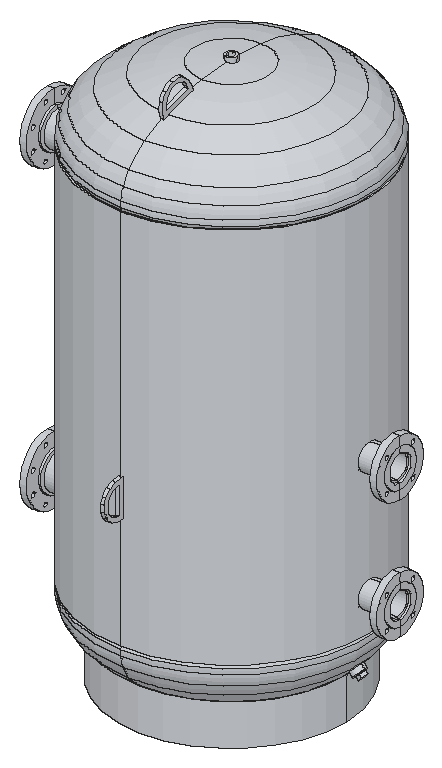
Revit family "HBT-300-34", category Generic Models, Revit 2014
Parameters (values of type "HBT-300-34")
  URL = "http://westank.com/"
  Tank Volume = 300.00 gal
  Part Number = 55643034
  Model = "HBT-300-34"
  Maximum Shipping Weight = 788 lbf
  G = 16"
  B = 4"
  A = 3"
  F = 32"
  E = 56"
  Description = "Wessels ASME 4-port primary-secondary Hot Water Buffer Tanks (HBT) are designed for use with today’s high efficiency systems that incorporate small modular low-mass boilers."
  D = 72"
  C = 36"
Reference planes (in)
  plane 1 "Center (Front/Back)": y = 0
  plane 2: z = 0
  plane 3 "Center (Left/Right)": x = 0
  plane 4: z = 0
  plane 5: x = -18
  plane 6: x = 18
  plane 7: z = 72
  plane 8: z = 56
  plane 9: z = 32
  plane 10: z = 16
Forms (in)
  Revolve 1, solid
    sketch origin (0, -0.02461, 0) x (0, 1, 0) y (0, 0, 1)
      loop
        line (-17.97559, 11.40987) -> (-17.77585, 11.40987)
        arc (-17.77585, 11.40987) -> (-17.77901, 11.38745) -> (-17.78675, 11.36617) r 0.10832
        line (-17.78675, 11.36617) -> (-17.97559, 10.97899)
        arc (-17.97559, 10.97899) -> (-17.97692, 10.6034) -> (-17.93634, 10.23002) r 3.36112
        arc (-17.93634, 10.23002) -> (-17.83534, 9.45516) -> (-17.56075, 8.72359) r 3.4127
        arc (-17.56075, 8.72359) -> (-17.14884, 7.91952) -> (-16.63227, 7.17835) r 6.68364
        arc (-16.63227, 7.17835) -> (-15.41449, 5.9118) -> (-13.99078, 4.88214) r 9.83519
        arc (-13.99078, 4.88214) -> (-12.33964, 3.99029) -> (-10.62031, 3.23825) r 22.63963
        arc (-10.62031, 3.23825) -> (-7.74153, 2.33452) -> (-4.76815, 1.82164) r 22.63963
        arc (-4.76815, 1.82164) -> (-2.37465, 1.61295) -> (0.02461, 1.4865) r 70.02787
        line (0.02461, 1.4865) -> (0.02461, 1.65848)
        arc (0.02461, 1.65848) -> (-2.3657, 1.78462) -> (-4.75028, 1.99258) r 69.85599
        arc (-4.75028, 1.99258) -> (-7.70109, 2.50157) -> (-10.55801, 3.39844) r 22.46775
        arc (-10.55801, 3.39844) -> (-12.26429, 4.14477) -> (-13.9029, 5.02985) r 22.46775
        arc (-13.9029, 5.02985) -> (-15.30173, 6.04151) -> (-16.49823, 7.28593) r 9.66331
        arc (-16.49823, 7.28593) -> (-17.00303, 8.01057) -> (-17.40515, 8.79685) r 6.51177
        arc (-17.40515, 8.79685) -> (-17.66943, 9.50016) -> (-17.76465, 10.24543) r 3.24083
        arc (-17.76465, 10.24543) -> (-17.80397, 10.58906) -> (-17.80585, 10.93493) r 3.18924
        line (-17.80585, 10.93493) -> (-17.63227, 11.29083)
        arc (-17.63227, 11.29083) -> (-17.60804, 11.35818) -> (-17.59889, 11.42917) r 0.33041
        line (-17.59889, 11.42917) -> (-17.80365, 11.42917) -> (-17.80365, 62.07314) -> (-17.59889, 62.07314)
        arc (-17.59889, 62.07314) -> (-17.60804, 62.14413) -> (-17.63227, 62.21149) r 0.33041
        line (-17.63227, 62.21149) -> (-17.80585, 62.56739)
        arc (-17.80585, 62.56739) -> (-17.80397, 62.91325) -> (-17.76465, 63.25688) r 3.18924
        arc (-17.76465, 63.25688) -> (-17.66943, 64.00215) -> (-17.40515, 64.70547) r 3.24083
        arc (-17.40515, 64.70547) -> (-17.00303, 65.49175) -> (-16.49823, 66.21639) r 6.51177
        arc (-16.49823, 66.21639) -> (-15.30173, 67.4608) -> (-13.9029, 68.47247) r 9.66331
        arc (-13.9029, 68.47247) -> (-12.26429, 69.35755) -> (-10.55801, 70.10388) r 22.46775
        arc (-10.55801, 70.10388) -> (-7.70109, 71.00074) -> (-4.75028, 71.50973) r 22.46775
        arc (-4.75028, 71.50973) -> (-2.3657, 71.71769) -> (0.02461, 71.84383) r 69.85599
        line (0.02461, 71.84383) -> (0.02461, 72.01582)
        arc (0.02461, 72.01582) -> (-2.37465, 71.88936) -> (-4.76815, 71.68068) r 70.02787
        arc (-4.76815, 71.68068) -> (-7.74153, 71.16779) -> (-10.62031, 70.26407) r 22.63963
        arc (-10.62031, 70.26407) -> (-12.33964, 69.51203) -> (-13.99078, 68.62018) r 22.63963
        arc (-13.99078, 68.62018) -> (-15.41449, 67.59052) -> (-16.63227, 66.32397) r 9.83519
        arc (-16.63227, 66.32397) -> (-17.14884, 65.58279) -> (-17.56075, 64.77872) r 6.68364
        arc (-17.56075, 64.77872) -> (-17.83534, 64.04715) -> (-17.93634, 63.2723) r 3.4127
        arc (-17.93634, 63.2723) -> (-17.97692, 62.89891) -> (-17.97559, 62.52332) r 3.36112
        line (-17.97559, 62.52332) -> (-17.78675, 62.13614)
        arc (-17.78675, 62.13614) -> (-17.77901, 62.11486) -> (-17.77585, 62.09244) r 0.10832
        line (-17.77585, 62.09244) -> (-17.97559, 62.09244) -> (-17.97559, 11.40987)
      axis (0.02461, 1.4865) -> (0.02461, 72.01582)
    angle from 0 to 360
  Revolve 2, solid
    sketch origin (-2.98639, 0, 41.50063) x (-1, 0, 0) y (0, 0, 1)
      loop
        line (19.69342, 12.25162) -> (19.69342, 11.84312) -> (20.06842, 11.84312) -> (20.06842, 9.99939) -> (20.94342, 9.99939) -> (20.94342, 11.40562) -> (21.00592, 11.40562) -> (21.00592, 12.25162) -> (19.69342, 12.25162)
      axis (21.00592, 14.49937) -> (19.69342, 14.49937)
    angle from 0 to 360
  Revolve 3, solid
    sketch origin (1.3301, 0, 3.24654) x (0.990017, 0, -0.140951) y (0.140951, 0, 0.990017)
      loop
        line (14.71753, 6.11956) -> (14.66586, 6.1556) -> (14.25436, 5.56561) -> (14.86992, 5.13627) -> (15.24588, 5.6753) -> (15.19462, 5.71106) -> (15.31904, 5.88945) -> (14.80641, 6.24699) -> (14.71753, 6.11956)
      axis (14.25436, 5.56561) -> (14.86992, 5.13627)
    angle from 0 to 360
  Extrusion 4, solid
    sketch origin (16.3437, -180, 7.27869) x (0.681658, 0, 0.731671) y (0, -1, 0)
      loop
        line (-0.16036, -179.52645) -> (-0.95521, -179.68698) -> (-0.79485, -180.48095) -> (0, -180.32042) -> (-0.16036, -179.52645)
    from 1.02698 to 1.52678
  Extrusion 5, solid
    sketch origin (0, -6.04905, 4.9833) x (0, 1, 0) y (0, 0, 1)
      loop
        line (-11.93439, 21.33067) -> (-11.93439, 26.202)
        arc (-11.93439, 26.202) -> (-12.47846, 26.15164) -> (-13.01533, 26.05008) r 5.77422
        arc (-13.01533, 26.05008) -> (-13.49297, 25.89754) -> (-13.94252, 25.67548) r 3.35288
        arc (-13.94252, 25.67548) -> (-14.34081, 25.36666) -> (-14.64962, 24.96837) r 2.0073
        arc (-14.64962, 24.96837) -> (-14.80343, 24.58932) -> (-14.88788, 24.18906) r 2.30742
        arc (-14.88788, 24.18906) -> (-14.91277, 23.77188) -> (-14.88788, 23.3547) r 3.50846
        arc (-14.88788, 23.3547) -> (-14.79412, 22.92876) -> (-14.61961, 22.52904) r 2.24053
        arc (-14.61961, 22.52904) -> (-14.27401, 22.08806) -> (-13.80999, 21.77406) r 1.8078
        arc (-13.80999, 21.77406) -> (-13.34321, 21.55591) -> (-12.84107, 21.44044) r 2.44481
        arc (-12.84107, 21.44044) -> (-12.39043, 21.36326) -> (-11.93439, 21.33067) r 4.65484
      loop
        arc (-12.44611, 25.63929) -> (-12.67227, 25.60073) -> (-12.89654, 25.55235) r 5.2625
        arc (-12.89654, 25.55235) -> (-13.30128, 25.42308) -> (-13.68221, 25.23491) r 2.84116
        arc (-13.68221, 25.23491) -> (-13.97364, 25.01013) -> (-14.20134, 24.72098) r 1.49558
        arc (-14.20134, 24.72098) -> (-14.3163, 24.43235) -> (-14.37979, 24.12821) r 1.7957
        arc (-14.37979, 24.12821) -> (-14.40106, 23.77188) -> (-14.37979, 23.41555) r 2.99674
        arc (-14.37979, 23.41555) -> (-14.30745, 23.08689) -> (-14.17279, 22.77846) r 1.72881
        arc (-14.17279, 22.77846) -> (-13.91552, 22.45353) -> (-13.56884, 22.22643) r 1.29608
        arc (-13.56884, 22.22643) -> (-13.1779, 22.0402) -> (-12.75531, 21.94566) r 1.9331
        arc (-12.75531, 21.94566) -> (-12.60126, 21.91347) -> (-12.44611, 21.88716) r 4.14312
        line (-12.44611, 21.88716) -> (-12.44611, 25.63929)
    from -0.24366 to 0.25634
  Extrusion 6, solid
    sketch origin (0, -28.53332, 53.09576) x (0, 0.284015, -0.95882) y (0, 0.95882, 0.284015)
      loop
        arc (-11.9298, 25.67102) -> (-12.15596, 25.63246) -> (-12.38023, 25.58408) r 5.2625
        arc (-12.38023, 25.58408) -> (-12.78497, 25.45482) -> (-13.16591, 25.26664) r 2.84116
        arc (-13.16591, 25.26664) -> (-13.45733, 25.04186) -> (-13.68503, 24.75271) r 1.49558
        arc (-13.68503, 24.75271) -> (-13.8, 24.46408) -> (-13.86349, 24.15994) r 1.7957
        arc (-13.86349, 24.15994) -> (-13.88475, 23.80361) -> (-13.86349, 23.44728) r 2.99674
        arc (-13.86349, 23.44728) -> (-13.79114, 23.11862) -> (-13.65649, 22.81019) r 1.72881
        arc (-13.65649, 22.81019) -> (-13.39922, 22.48527) -> (-13.05253, 22.25816) r 1.29608
        arc (-13.05253, 22.25816) -> (-12.66159, 22.07193) -> (-12.239, 21.97739) r 1.9331
        arc (-12.239, 21.97739) -> (-12.08496, 21.94521) -> (-11.9298, 21.91889) r 4.14312
        line (-11.9298, 21.91889) -> (-11.9298, 25.67102)
      loop
        line (-11.1798, 21.34267) -> (-11.1798, 26.18132)
        arc (-11.1798, 26.18132) -> (-12.12256, 26.16802) -> (-13.02719, 25.90227) r 3.48194
        arc (-13.02719, 25.90227) -> (-13.54727, 25.6041) -> (-13.99851, 25.20943) r 3.03185
        arc (-13.99851, 25.20943) -> (-14.28248, 24.55653) -> (-14.39992, 23.8543) r 2.91879
        arc (-14.39992, 23.8543) -> (-14.3348, 23.1787) -> (-14.08611, 22.54717) r 2.44012
        arc (-14.08611, 22.54717) -> (-13.716, 22.08641) -> (-13.21844, 21.76749) r 1.83162
        arc (-13.21844, 21.76749) -> (-12.2207, 21.45151) -> (-11.1798, 21.34267) r 5.1769
    from -0.24366 to 0.25634
  Extrusion 7, solid
    sketch origin (0, 0, 0) x (1, 0, 0) y (0, 1, 0)
      loop
        circle (0, 0) r 0.75
      loop
        circle (0, 0) r 0.5
    from 71.36613 to 72.49354
  Extrusion 8, void
    sketch origin (-3.60333, 0.13917, 42.92009) x (0, 1, 0) y (0, 0, -1)
      loop
        circle (1.30132, -16.54217) r 0.39709
      loop
        circle (-1.56705, -16.54739) r 0.36639
      loop
        circle (-3.60255, -14.51771) r 0.39644
      loop
        circle (-3.60937, -11.65864) r 0.39509
      loop
        circle (-1.59929, -9.62587) r 0.36154
      loop
        circle (1.29595, -9.61541) r 0.37125
      loop
        circle (3.31863, -14.53108) r 0.38234
      loop
        circle (3.32718, -11.64927) r 0.36602
    from 15.80097 to 22.64667
  Extrusion 9, void
    sketch origin (0, 0, 0) x (1, 0, 0) y (0, 1, 0)
      loop
        circle (0, 0) r 0.5
    from 70.90268 to 73.75579
  Revolve 10, solid
    sketch origin (0, 0, 0) x (1, 0, 0) y (0, 0, 1)
      loop
        line (14.82824, 5.43485) -> (14.82824, 0) -> (15, 0) -> (15, 5.43485) -> (14.82824, 5.43485)
      axis (0, 5.43485) -> (0, 0)
    angle from 0 to 360
  Revolve 11, solid
    sketch origin (-3.58795, 0, 41.50258) x (1, 0, 0) y (0, 0, 1)
      loop
        line (-13.77936, 12.48441) -> (-20.02936, 12.48441) -> (-20.02936, 12.24742) -> (-13.77936, 12.24742) -> (-13.77936, 12.48441)
      axis (-20.02936, 14.49742) -> (-13.77936, 14.49742)
    angle from 0 to 360
  Extrusion 12, void
    sketch origin (0, 0, 0.25) x (0, 1, 0) y (0, 0, 1)
      loop
        circle (0, 55.75) r 2.013
    from -21.98599 to -16.85333
  Revolve 13, solid
    sketch origin (3.00177, 0, 1.50063) x (1, 0, 0) y (0, 0, 1)
      loop
        line (17.78273, 12.74937) -> (17.78273, 12.3742) -> (18.03273, 12.3742) -> (18.03273, 10.74942) -> (18.90773, 10.74942) -> (18.90773, 11.99942) -> (18.97023, 11.99942) -> (18.97023, 12.74937) -> (17.78273, 12.74937)
      axis (18.97023, 14.49937) -> (17.78273, 14.49937)
    angle from 0 to 360
  Revolve 14, solid
    sketch origin (3.60333, 0, 1.50258) x (-1, 0, 0) y (0, 0, 1)
      loop
        line (-13.86867, 12.96342) -> (-17.99367, 12.96342) -> (-17.99367, 12.74742) -> (-13.86867, 12.74742) -> (-13.86867, 12.96342)
      axis (-17.99367, 14.49742) -> (-13.86867, 14.49742)
    angle from 0 to 360
  Extrusion 15, void
    sketch origin (-3.60333, 0.13917, 2.92009) x (0, 1, 0) y (0, 0, -1)
      loop
        circle (1.30132, -16.54217) r 0.39709
      loop
        circle (-1.56705, -16.54739) r 0.36639
      loop
        circle (-3.60255, -14.51771) r 0.39644
      loop
        circle (-3.60937, -11.65864) r 0.39509
      loop
        circle (-1.59929, -9.62587) r 0.36154
      loop
        circle (1.29595, -9.61541) r 0.37125
      loop
        circle (3.31863, -14.53108) r 0.38234
      loop
        circle (3.32718, -11.64927) r 0.36602
    from 22.86736 to 18.16765
  Extrusion 16, void
    sketch origin (3.60333, 0.13917, 2.92009) x (0, 1, 0) y (0, 0, 1)
      loop
        circle (1.98882, 15.19842) r 0.39709
      loop
        circle (-2.27017, 15.18802) r 0.36639
      loop
        circle (-2.25554, 10.96962) r 0.36154
      loop
        circle (1.98345, 10.95916) r 0.37125
    from 22.86736 to 16.64667
  Revolve 17, solid
    sketch origin (-2.98639, 0, 1.50063) x (-1, 0, 0) y (0, 0, 1)
      loop
        line (19.69342, 12.25162) -> (19.69342, 11.84312) -> (20.06842, 11.84312) -> (20.06842, 9.99939) -> (20.94342, 9.99939) -> (20.94342, 11.40562) -> (21.00592, 11.40562) -> (21.00592, 12.25162) -> (19.69342, 12.25162)
      axis (21.00592, 14.49937) -> (19.69342, 14.49937)
    angle from 0 to 360
  Revolve 18, solid
    sketch origin (-3.58795, 0, 1.50258) x (1, 0, 0) y (0, 0, 1)
      loop
        line (-13.77936, 12.48441) -> (-20.02936, 12.48441) -> (-20.02936, 12.24742) -> (-13.77936, 12.24742) -> (-13.77936, 12.48441)
      axis (-20.02936, 14.49742) -> (-13.77936, 14.49742)
    angle from 0 to 360
  Extrusion 19, void
    sketch origin (0, 0, 0) x (0, 1, 0) y (0, 0, 1)
      loop
        circle (0, 32) r 1.534
      loop
        circle (0, 16) r 1.534
    from 10.01969 to 28.21152
  Extrusion 20, void
    sketch origin (0, 0, 0) x (0, 1, 0) y (0, 0, 1)
      loop
        circle (0, 16) r 2.013
    from -25.80262 to -14.49862
  Revolve 21, solid
    sketch origin (3.00177, 0, 17.50063) x (1, 0, 0) y (0, 0, 1)
      loop
        line (17.78273, 12.74937) -> (17.78273, 12.3742) -> (18.03273, 12.3742) -> (18.03273, 10.74942) -> (18.90773, 10.74942) -> (18.90773, 11.99942) -> (18.97023, 11.99942) -> (18.97023, 12.74937) -> (17.78273, 12.74937)
      axis (18.97023, 14.49937) -> (17.78273, 14.49937)
    angle from 0 to 360
  Revolve 22, solid
    sketch origin (3.60333, 0, 17.50258) x (-1, 0, 0) y (0, 0, 1)
      loop
        line (-13.86867, 12.96342) -> (-17.99367, 12.96342) -> (-17.99367, 12.74742) -> (-13.86867, 12.74742) -> (-13.86867, 12.96342)
      axis (-17.99367, 14.49742) -> (-13.86867, 14.49742)
    angle from 0 to 360
  Extrusion 23, void
    sketch origin (3.60333, 0.13917, 18.92009) x (0, 1, 0) y (0, 0, 1)
      loop
        circle (1.98882, 15.19842) r 0.39709
      loop
        circle (-2.27017, 15.18802) r 0.36639
      loop
        circle (-2.25554, 10.96962) r 0.36154
      loop
        circle (1.98345, 10.95916) r 0.37125
    from 22.86736 to 16.64667
Cuts and joins
  joined: Extrusion 4, Extrusion 5, Extrusion 6, Extrusion 7, Revolve 10
  Extrusion 9, Extrusion 12, Extrusion 15, Extrusion 19, Extrusion 20 cuts Revolve 1
  Extrusion 8, Extrusion 15 cuts Revolve 2
  joined: Revolve 1, Revolve 2
  Extrusion 16, Extrusion 23 cuts Revolve 13
  Extrusion 15 cuts Revolve 17
  Extrusion 23 cuts Revolve 21
Dimensions and locks (in)
  "D": plane 7 to plane 4
  "G": plane 10 to plane 4
  "F": plane 9 to plane 4
  "E": plane 8 to plane 4
  "C": plane 6 to plane 5
  aligned and locked: plane 2 to level
Automatic sketch dimensions
  Revolve 1 sketch curve to Revolve 1 sketch curve = 0"  (x56)
  Revolve 1 sketch curve to plane 1 "Center (Front/Back)" = 0"  (x3)
  plane 1 "Center (Front/Back)" to Revolve 1 sketch curve = 2.43969"  (x2)
  Revolve 1 sketch curve to plane 10 = 2.66549"
  plane 1 "Center (Front/Back)" to Revolve 1 sketch curve = 8.98663"  (x2)
  plane 8 to Revolve 1 sketch curve = 4.16781"
  Revolve 1 sketch curve to Revolve 1 sketch curve = 2.45782"  (x2)
  Revolve 1 sketch curve to Revolve 1 sketch curve = 3.10417"  (x2)
  Revolve 1 sketch curve to Revolve 1 sketch curve = 0.0964"  (x2)
  Revolve 1 sketch curve to Revolve 1 sketch curve = 2.97849"  (x2)
  plane 8 to Revolve 1 sketch curve = 6.21149"
  Revolve 1 sketch curve to Revolve 1 sketch curve = 0.03338"  (x2)
  Revolve 1 sketch curve to plane 10 = 4.70917"
  Revolve 1 sketch curve to Revolve 1 sketch curve = 0.17696"  (x2)
  Revolve 1 sketch curve to plane 10 = 4.63383"
  Revolve 1 sketch curve to Revolve 1 sketch curve = 0.0109"  (x2)
  plane 8 to Revolve 1 sketch curve = 6.13614"
  Revolve 1 sketch curve to Revolve 1 sketch curve = 0.0278"
  plane 8 to Revolve 1 sketch curve = 6.56739"
  Revolve 1 sketch curve to Revolve 1 sketch curve = 0.17358"  (x2)
  Revolve 1 sketch curve to plane 10 = 5.06507"
  Revolve 1 sketch curve to Revolve 1 sketch curve = 0.08045"  (x2)
  Revolve 1 sketch curve to Revolve 1 sketch curve = 0.04514"  (x2)
  Revolve 1 sketch curve to Revolve 1 sketch curve = 0.04635"
  Revolve 1 sketch curve to plane 10 = 5.02101"
  Revolve 1 sketch curve to Revolve 1 sketch curve = 0.16974"  (x2)
  plane 8 to Revolve 1 sketch curve = 6.52332"
  Revolve 1 sketch curve to plane 7 = 0.52976"
  Revolve 1 sketch curve to plane 1 "Center (Front/Back)" = 2.48565"  (x2)
  Revolve 1 sketch curve to Revolve 1 sketch curve = 0.51151"
  Revolve 1 sketch curve to Revolve 1 sketch curve = 0.49854"  (x2)
  level to Revolve 1 sketch curve = 2.03208"
  level to Revolve 1 sketch curve = 1.65848"
  Revolve 1 sketch curve to Revolve 1 sketch curve = 0.17198"
  Revolve 1 sketch curve to Revolve 1 sketch curve = 1 249/256"  (x2)
  Revolve 1 sketch curve to Revolve 1 sketch curve = 0.0437"
  Revolve 1 sketch curve to Revolve 1 sketch curve = 0.0193"
  Revolve 1 sketch curve to plane 9 = 7.66135"
  Revolve 1 sketch curve to plane 8 = 6.83634"
  Revolve 1 sketch curve to Revolve 1 sketch curve = 0.0695"
  Revolve 1 sketch curve to Revolve 1 sketch curve = 0.02202"
  Revolve 1 sketch curve to Revolve 1 sketch curve = 0.64986"
  Revolve 1 sketch curve to plane 7 = 0.15617"
  plane 7 to Revolve 1 sketch curve = 0.01582"
  Revolve 1 sketch curve to plane 7 = 1.89612"
  level to Revolve 1 sketch curve = 3 51/128"
  Revolve 1 sketch curve to Revolve 1 sketch curve = 0.06229"  (x2)
  Revolve 1 sketch curve to Revolve 1 sketch curve = 0.90692"  (x2)
  Revolve 1 sketch curve to Revolve 1 sketch curve = 0.1556"  (x2)
  Revolve 1 sketch curve to plane 9 = 3.10692"
  plane 9 to Revolve 1 sketch curve = 0.64308"
  Revolve 2 sketch curve to plane 8 = 0"
  plane 5 to Revolve 2 sketch curve = 4.67981"
  Revolve 2 sketch curve to Revolve 2 sketch curve = 3/8"
  Revolve 2 sketch curve to Revolve 2 sketch curve = 7/8"
  Revolve 2 sketch curve to Revolve 2 sketch curve = 1/16"
  plane 8 to Revolve 2 sketch curve = 2.24774"
  Revolve 2 sketch curve to Revolve 2 sketch curve = 0.40851"
  Revolve 2 sketch curve to Revolve 2 sketch curve = 0.84601"
  Revolve 2 sketch curve to Revolve 2 sketch curve = 1.40622"
  Revolve 2 sketch curve to plane 5 = 0.59331"
  Revolve 2 sketch curve to Revolve 2 sketch curve = 0.68278"
  Revolve 3 sketch curve to plane 6 = 1.77337"
  level to Revolve 3 sketch curve = 6.74742"
  Revolve 3 sketch curve to Revolve 3 sketch curve = 0.4115"
  Revolve 3 sketch curve to Revolve 3 sketch curve = 0.05167"
  Revolve 3 sketch curve to Revolve 3 sketch curve = 0.08888"
  Revolve 3 sketch curve to Revolve 3 sketch curve = 0.61556"
  Revolve 3 sketch curve to Revolve 3 sketch curve = 0.47709"
  Revolve 3 sketch curve to Revolve 3 sketch curve = 0.05126"
  Revolve 3 sketch curve to Revolve 3 sketch curve = 0.42934"
  Revolve 3 sketch curve to Revolve 3 sketch curve = 0.12768"
  Revolve 3 sketch curve to Revolve 3 sketch curve = 0"  (x2)
  Revolve 3 sketch curve to Revolve 3 sketch curve = 0.08905"
  plane 1 "Center (Front/Back)" to Extrusion 4 sketch curve = 0.31302"
  Extrusion 4 sketch curve to plane 1 "Center (Front/Back)" = 0.48095"
  Extrusion 4 sketch curve to Extrusion 4 sketch curve = 0.16036"  (x2)
  plane 1 "Center (Front/Back)" to Extrusion 4 sketch curve = 0.47355"
  Extrusion 4 sketch curve to Extrusion 4 sketch curve = 0.79485"
  Extrusion 4 sketch curve to plane 1 "Center (Front/Back)" = 0.32042"
  Extrusion 5 sketch curve to Extrusion 5 sketch curve = 0"  (x24)
  Extrusion 5 sketch curve to plane 9 = 3.6065"
  plane 1 "Center (Front/Back)" to Extrusion 5 sketch curve = 19.09014"
  Extrusion 5 sketch curve to Extrusion 5 sketch curve = 0.11966"
  Extrusion 5 sketch curve to Extrusion 5 sketch curve = 0.25819"
  Extrusion 5 sketch curve to Extrusion 5 sketch curve = 17/256"
  Extrusion 5 sketch curve to Extrusion 5 sketch curve = 0.04958"
  Extrusion 5 sketch curve to Extrusion 5 sketch curve = 0.15073"
  Extrusion 5 sketch curve to Extrusion 5 sketch curve = 0.20915"
  Extrusion 5 sketch curve to Extrusion 5 sketch curve = 131/256"
  Extrusion 5 sketch curve to Extrusion 5 sketch curve = 0.10338"
  Extrusion 5 sketch curve to Extrusion 5 sketch curve = 0.25955"
  Extrusion 5 sketch curve to Extrusion 5 sketch curve = 1.14294"
  Extrusion 5 sketch curve to Extrusion 5 sketch curve = 0.62139"
  Extrusion 5 sketch curve to Extrusion 5 sketch curve = 0.90165"
  Extrusion 5 sketch curve to Extrusion 5 sketch curve = 0.55648"
  Extrusion 5 sketch curve to Extrusion 5 sketch curve = 0.89706"
  Extrusion 5 sketch curve to Extrusion 5 sketch curve = 27/128"
  Extrusion 5 sketch curve to Extrusion 5 sketch curve = 0.15076"
  Extrusion 5 sketch curve to Extrusion 5 sketch curve = 0.24641"
  Extrusion 5 sketch curve to Extrusion 5 sketch curve = 0.04716"
  Extrusion 5 sketch curve to Extrusion 5 sketch curve = 0.0326"
  Extrusion 5 sketch curve to plane 9 = 1.37741"
  Extrusion 5 sketch curve to Extrusion 5 sketch curve = 0.34507"
  Extrusion 5 sketch curve to Extrusion 5 sketch curve = 0.21764"
  Extrusion 5 sketch curve to Extrusion 5 sketch curve = 1.12273"
  Extrusion 5 sketch curve to Extrusion 5 sketch curve = 0.78568"
  Extrusion 5 sketch curve to Extrusion 5 sketch curve = 0.24115"
  Extrusion 5 sketch curve to Extrusion 5 sketch curve = 0.2603"
  Extrusion 5 sketch curve to Extrusion 5 sketch curve = 0.60395"
  Extrusion 5 sketch curve to Extrusion 5 sketch curve = 0.51913"
  Extrusion 5 sketch curve to Extrusion 5 sketch curve = 0.44682"
  Extrusion 5 sketch curve to Extrusion 5 sketch curve = 0.44829"
  Extrusion 7 sketch curve to Extrusion 7 sketch curve = 0"  (x2)
  plane 1 "Center (Front/Back)" to Extrusion 7 sketch curve = 0"
  Extrusion 7 sketch curve to plane 3 "Center (Left/Right)" = 0"
  Extrusion 8 sketch curve to plane 8 = 1.42127"
  plane 1 "Center (Front/Back)" to Extrusion 8 sketch curve = 3.4702"
  Extrusion 8 sketch curve to Extrusion 8 sketch curve = 0.00682"
  plane 1 "Center (Front/Back)" to Extrusion 8 sketch curve = 1.46012"
  plane 1 "Center (Front/Back)" to Extrusion 8 sketch curve = 1.42788"
  Extrusion 8 sketch curve to plane 1 "Center (Front/Back)" = 1.43512"
  Extrusion 8 sketch curve to plane 1 "Center (Front/Back)" = 1.44049"
  Extrusion 8 sketch curve to Extrusion 8 sketch curve = 2.01731"
  Extrusion 8 sketch curve to plane 8 = 1.43064"
  Extrusion 8 sketch curve to Extrusion 8 sketch curve = 2 1/32"
  plane 8 to Extrusion 8 sketch curve = 1.4378"
  plane 8 to Extrusion 8 sketch curve = 1.45117"
  Extrusion 8 sketch curve to Extrusion 8 sketch curve = 2.01109"
  Extrusion 8 sketch curve to Extrusion 8 sketch curve = 0.00522"
  Extrusion 8 sketch curve to Extrusion 8 sketch curve = 2.03277"
  Extrusion 8 sketch curve to Extrusion 8 sketch curve = 2.03386"
  Extrusion 9 sketch curve to Extrusion 9 sketch curve = 0"  (x2)
  plane 1 "Center (Front/Back)" to Extrusion 9 sketch curve = 0"
  Extrusion 9 sketch curve to plane 3 "Center (Left/Right)" = 0"
  Extrusion 9 sketch curve to plane 3 "Center (Left/Right)" = 1/2"
  Revolve 10 sketch curve to plane 3 "Center (Left/Right)" = 0"
  Revolve 10 sketch curve to level = 0"
  Revolve 10 sketch curve to plane 6 = 3.17176"
  Revolve 10 sketch curve to Revolve 10 sketch curve = 0.17176"
  level to Revolve 10 sketch curve = 5.43485"
  level to Revolve 10 sketch curve = 4.69941"
  Revolve 10 sketch curve to Revolve 10 sketch curve = 1"
  Revolve 11 sketch curve to plane 8 = 0"
  Revolve 11 sketch curve to plane 8 = 2 1/4"
  Revolve 11 sketch curve to plane 5 = 5.61731"
  plane 5 to Revolve 11 sketch curve = 0.63269"
  Revolve 11 sketch curve to Revolve 11 sketch curve = 0.237"
  Revolve 11 sketch curve to plane 5 = 0.15872"
  plane 5 to Revolve 11 sketch curve = 0.20143"
  Extrusion 12 sketch curve to Extrusion 12 sketch curve = 0"  (x2)
  Extrusion 12 sketch curve to plane 1 "Center (Front/Back)" = 0"
  Extrusion 12 sketch curve to plane 8 = 0"
  Extrusion 12 sketch curve to Extrusion 12 sketch curve = 2.013"
  Revolve 13 sketch curve to plane 10 = 0"
  plane 6 to Revolve 13 sketch curve = 2.7845"
  Revolve 13 sketch curve to Revolve 13 sketch curve = 1/4"
  Revolve 13 sketch curve to Revolve 13 sketch curve = 7/8"
  Revolve 13 sketch curve to Revolve 13 sketch curve = 1/16"
  Revolve 13 sketch curve to plane 10 = 1 3/4"
  Revolve 13 sketch curve to Revolve 13 sketch curve = 0.37517"
  Revolve 13 sketch curve to Revolve 13 sketch curve = 0.74995"
  Revolve 13 sketch curve to Revolve 13 sketch curve = 1 1/4"
  Revolve 13 sketch curve to plane 6 = 0.57793"
  Revolve 13 sketch curve to Revolve 13 sketch curve = 0.68278"
  Revolve 14 sketch curve to plane 10 = 0"
  plane 10 to Revolve 14 sketch curve = 1 3/4"
  Revolve 14 sketch curve to plane 6 = 3.597"
  plane 6 to Revolve 14 sketch curve = 0.528"
  Revolve 14 sketch curve to Revolve 14 sketch curve = 0.216"
  Revolve 14 sketch curve to plane 6 = 0.1741"
  plane 6 to Revolve 14 sketch curve = 0.18605"
  Extrusion 15 sketch curve to plane 10 = 1.42127"
  plane 1 "Center (Front/Back)" to Extrusion 15 sketch curve = 3.4702"
  Extrusion 15 sketch curve to Extrusion 15 sketch curve = 0.00682"
  plane 1 "Center (Front/Back)" to Extrusion 15 sketch curve = 1.46012"
  plane 1 "Center (Front/Back)" to Extrusion 15 sketch curve = 1.42788"
  Extrusion 15 sketch curve to plane 1 "Center (Front/Back)" = 1.43512"
  Extrusion 15 sketch curve to plane 1 "Center (Front/Back)" = 1.44049"
  Extrusion 15 sketch curve to Extrusion 15 sketch curve = 2.01731"
  Extrusion 15 sketch curve to plane 10 = 1.43064"
  Extrusion 15 sketch curve to Extrusion 15 sketch curve = 2 1/32"
  plane 10 to Extrusion 15 sketch curve = 1.4378"
  plane 10 to Extrusion 15 sketch curve = 1.45117"
  Extrusion 15 sketch curve to Extrusion 15 sketch curve = 2.01109"
  Extrusion 15 sketch curve to Extrusion 15 sketch curve = 0.00522"
  Extrusion 15 sketch curve to Extrusion 15 sketch curve = 2.03277"
  Extrusion 15 sketch curve to Extrusion 15 sketch curve = 2.03386"
  plane 1 "Center (Front/Back)" to Extrusion 16 sketch curve = 2.13101"
  plane 1 "Center (Front/Back)" to Extrusion 16 sketch curve = 2.11637"
  Extrusion 16 sketch curve to plane 1 "Center (Front/Back)" = 2.12262"
  Extrusion 16 sketch curve to plane 1 "Center (Front/Back)" = 2.12799"
  Extrusion 16 sketch curve to plane 10 = 2.12075"
  Extrusion 16 sketch curve to plane 10 = 2.11028"
  plane 10 to Extrusion 16 sketch curve = 2.10811"
  plane 10 to Extrusion 16 sketch curve = 2.11852"
  Revolve 17 sketch curve to plane 10 = 0"
  plane 5 to Revolve 17 sketch curve = 4.67981"
  Revolve 17 sketch curve to Revolve 17 sketch curve = 3/8"
  Revolve 17 sketch curve to Revolve 17 sketch curve = 7/8"
  Revolve 17 sketch curve to Revolve 17 sketch curve = 1/16"
  plane 10 to Revolve 17 sketch curve = 2.24774"
  Revolve 17 sketch curve to Revolve 17 sketch curve = 0.40851"
  Revolve 17 sketch curve to Revolve 17 sketch curve = 0.84601"
  Revolve 17 sketch curve to Revolve 17 sketch curve = 1.40622"
  Revolve 17 sketch curve to plane 5 = 0.59331"
  Revolve 17 sketch curve to Revolve 17 sketch curve = 0.68278"
  Revolve 18 sketch curve to plane 10 = 0"
  Revolve 18 sketch curve to plane 10 = 2 1/4"
  Revolve 18 sketch curve to plane 5 = 5.61731"
  plane 5 to Revolve 18 sketch curve = 0.63269"
  Revolve 18 sketch curve to Revolve 18 sketch curve = 0.237"
  Revolve 18 sketch curve to plane 5 = 0.15872"
  plane 5 to Revolve 18 sketch curve = 0.20143"
  Extrusion 19 sketch curve to Extrusion 19 sketch curve = 0"  (x4)
  Extrusion 19 sketch curve to plane 1 "Center (Front/Back)" = 0"  (x2)
  Extrusion 19 sketch curve to plane 10 = 0"
  Extrusion 19 sketch curve to plane 9 = 0"
  Extrusion 19 sketch curve to plane 10 = 1.534"
  Extrusion 19 sketch curve to plane 9 = 1.534"
  Extrusion 20 sketch curve to Extrusion 20 sketch curve = 0"  (x2)
  Extrusion 20 sketch curve to plane 1 "Center (Front/Back)" = 0"
  Extrusion 20 sketch curve to plane 10 = 0"
  Extrusion 20 sketch curve to plane 10 = 2.013"
  Revolve 21 sketch curve to plane 9 = 0"
  plane 6 to Revolve 21 sketch curve = 2.7845"
  Revolve 21 sketch curve to Revolve 21 sketch curve = 1/4"
  Revolve 21 sketch curve to Revolve 21 sketch curve = 7/8"
  Revolve 21 sketch curve to Revolve 21 sketch curve = 1/16"
  Revolve 21 sketch curve to plane 9 = 1 3/4"
  Revolve 21 sketch curve to Revolve 21 sketch curve = 0.37517"
  Revolve 21 sketch curve to Revolve 21 sketch curve = 0.74995"
  Revolve 21 sketch curve to Revolve 21 sketch curve = 1 1/4"
  Revolve 21 sketch curve to plane 6 = 0.57793"
  Revolve 21 sketch curve to Revolve 21 sketch curve = 0.68278"
  Revolve 22 sketch curve to plane 9 = 0"
  plane 9 to Revolve 22 sketch curve = 1 3/4"
  Revolve 22 sketch curve to plane 6 = 3.597"
  plane 6 to Revolve 22 sketch curve = 0.528"
  Revolve 22 sketch curve to Revolve 22 sketch curve = 0.216"
  Revolve 22 sketch curve to plane 6 = 0.1741"
  plane 6 to Revolve 22 sketch curve = 0.18605"
  plane 1 "Center (Front/Back)" to Extrusion 23 sketch curve = 2.13101"
  plane 1 "Center (Front/Back)" to Extrusion 23 sketch curve = 2.11637"
  Extrusion 23 sketch curve to plane 1 "Center (Front/Back)" = 2.12262"
  Extrusion 23 sketch curve to plane 1 "Center (Front/Back)" = 2.12799"
  Extrusion 23 sketch curve to plane 9 = 2.12075"
  Extrusion 23 sketch curve to plane 9 = 2.11028"
  plane 9 to Extrusion 23 sketch curve = 2.10811"
  plane 9 to Extrusion 23 sketch curve = 2.11852"
  Extrusion 6 sketch curve to plane 7 = 0.23736"
  plane 1 "Center (Front/Back)" to Extrusion 6 sketch curve = 9.61397"
  Extrusion 6 sketch curve to Extrusion 6 sketch curve = 0.03301"
  Extrusion 6 sketch curve to Extrusion 6 sketch curve = 0.08665"
  Extrusion 6 sketch curve to Extrusion 6 sketch curve = 0.34483"
  Extrusion 6 sketch curve to Extrusion 6 sketch curve = 17/256"
  Extrusion 6 sketch curve to Extrusion 6 sketch curve = 0.04958"
  Extrusion 6 sketch curve to Extrusion 6 sketch curve = 0.06885"
  Extrusion 6 sketch curve to Extrusion 6 sketch curve = 0.15073"
  Extrusion 6 sketch curve to Extrusion 6 sketch curve = 0.36028"
  Extrusion 6 sketch curve to Extrusion 6 sketch curve = 0.06601"
  Extrusion 6 sketch curve to Extrusion 6 sketch curve = 0.11815"
  Extrusion 6 sketch curve to Extrusion 6 sketch curve = 0.47821"
  Extrusion 6 sketch curve to Extrusion 6 sketch curve = 0.6151"
  Extrusion 6 sketch curve to Extrusion 6 sketch curve = 0.1349"
  Extrusion 6 sketch curve to Extrusion 6 sketch curve = 0.01521"
  Extrusion 6 sketch curve to Extrusion 6 sketch curve = 0.02126"
  Extrusion 6 sketch curve to Extrusion 6 sketch curve = 0.59588"
  Extrusion 6 sketch curve to Extrusion 6 sketch curve = 0.3061"
  Extrusion 6 sketch curve to Extrusion 6 sketch curve = 0.31529"
  Extrusion 6 sketch curve to Extrusion 6 sketch curve = 0.0954"
  Extrusion 6 sketch curve to Extrusion 6 sketch curve = 0.80625"
  Extrusion 6 sketch curve to Extrusion 6 sketch curve = 0.57623"
  Extrusion 6 sketch curve to Extrusion 6 sketch curve = 0.87732"
  Extrusion 6 sketch curve to Extrusion 6 sketch curve = 0.00686"
  Extrusion 6 sketch curve to Extrusion 6 sketch curve = 0.20406"
  Extrusion 6 sketch curve to Extrusion 6 sketch curve = 0.59172"
  Extrusion 6 sketch curve to Extrusion 6 sketch curve = 0.09548"
  Extrusion 6 sketch curve to Extrusion 6 sketch curve = 0.07607"
  Extrusion 6 sketch curve to Extrusion 6 sketch curve = 0.15093"
  Extrusion 6 sketch curve to Extrusion 6 sketch curve = 0.04716"
  Extrusion 6 sketch curve to Extrusion 6 sketch curve = 0.0326"
  Extrusion 6 sketch curve to Extrusion 6 sketch curve = 1.7246"
  Extrusion 6 sketch curve to Extrusion 6 sketch curve = 0.34507"
  Extrusion 6 sketch curve to Extrusion 6 sketch curve = 0.16523"
  Extrusion 6 sketch curve to Extrusion 6 sketch curve = 0.33822"
  Extrusion 6 sketch curve to Extrusion 6 sketch curve = 0"  (x6)
  Extrusion 6 sketch curve to Extrusion 6 sketch curve = 0.1659"
  Extrusion 6 sketch curve to Extrusion 6 sketch curve = 0.13872"
  Extrusion 6 sketch curve to Extrusion 6 sketch curve = 0.42962"
  Extrusion 6 sketch curve to Extrusion 6 sketch curve = 0.51913"
  Extrusion 6 sketch curve to Extrusion 6 sketch curve = 0.31348"
  radius of Extrusion 7 sketch curve = 3/4"
  radius of Extrusion 7 sketch curve = 1/2"
  radius of Extrusion 8 sketch curve = 0.39709"
  radius of Extrusion 8 sketch curve = 0.36639"
  radius of Extrusion 8 sketch curve = 0.39644"
  radius of Extrusion 8 sketch curve = 0.39509"
  radius of Extrusion 8 sketch curve = 0.36154"
  radius of Extrusion 8 sketch curve = 0.37125"
  radius of Extrusion 8 sketch curve = 0.38234"
  radius of Extrusion 8 sketch curve = 0.36602"
  radius of Extrusion 15 sketch curve = 0.39709"
  radius of Extrusion 15 sketch curve = 0.36639"
  radius of Extrusion 15 sketch curve = 0.39644"
  radius of Extrusion 15 sketch curve = 0.39509"
  radius of Extrusion 15 sketch curve = 0.36154"
  radius of Extrusion 15 sketch curve = 0.37125"
  radius of Extrusion 15 sketch curve = 0.38234"
  radius of Extrusion 15 sketch curve = 0.36602"
  radius of Extrusion 16 sketch curve = 0.39709"
  radius of Extrusion 16 sketch curve = 0.36639"
  radius of Extrusion 16 sketch curve = 0.36154"
  radius of Extrusion 16 sketch curve = 0.37125"
  radius of Extrusion 23 sketch curve = 0.39709"
  radius of Extrusion 23 sketch curve = 0.36639"
  radius of Extrusion 23 sketch curve = 0.36154"
  radius of Extrusion 23 sketch curve = 0.37125"
Connectors (in)
  piping at (21.972, 0, 16), diameter 3, driven by "A"
    settings: on Revolve 13, index 1, connector inside diameter 24", connector length 0", flow factor 0, pipe flow 0 GPM, pressure drop 0.00 psi, fitting loss kfactor 0, connector angle 0°, fixture units 0, engagement length 0", angle of deflection 0°, flow configuration 0, flow direction 0, fitting loss method 0, system type 7, joint type 0, gender type 0, connector reference index -1, connector utility 0, adjustable connector no, is connector primary yes, connector description ""
  piping at (-23.99231, 0, 56), diameter 4, driven by "B"
    settings: on Revolve 2, index 2, connector inside diameter 24", connector length 0", flow factor 0, pipe flow 0 GPM, pressure drop 0.00 psi, fitting loss kfactor 0, connector angle 0°, fixture units 0, engagement length 0", angle of deflection 0°, flow configuration 0, flow direction 0, fitting loss method 0, system type 7, joint type 0, gender type 0, connector reference index -1, connector utility 0, adjustable connector no, is connector primary no, connector description ""
  piping at (-23.99231, 0, 16), diameter 4, driven by "B"
    settings: on Revolve 17, index 3, connector inside diameter 24", connector length 0", flow factor 0, pipe flow 0 GPM, pressure drop 0.00 psi, fitting loss kfactor 0, connector angle 0°, fixture units 0, engagement length 0", angle of deflection 0°, flow configuration 0, flow direction 0, fitting loss method 0, system type 7, joint type 0, gender type 0, connector reference index -1, connector utility 0, adjustable connector no, is connector primary no, connector description ""
  piping at (21.972, 0, 32), diameter 3, driven by "A"
    settings: on Revolve 21, index 4, connector inside diameter 24", connector length 0", flow factor 0, pipe flow 0 GPM, pressure drop 0.00 psi, fitting loss kfactor 0, connector angle 0°, fixture units 0, engagement length 0", angle of deflection 0°, flow configuration 0, flow direction 0, fitting loss method 0, system type 7, joint type 0, gender type 0, connector reference index -1, connector utility 0, adjustable connector no, is connector primary no, connector description ""
